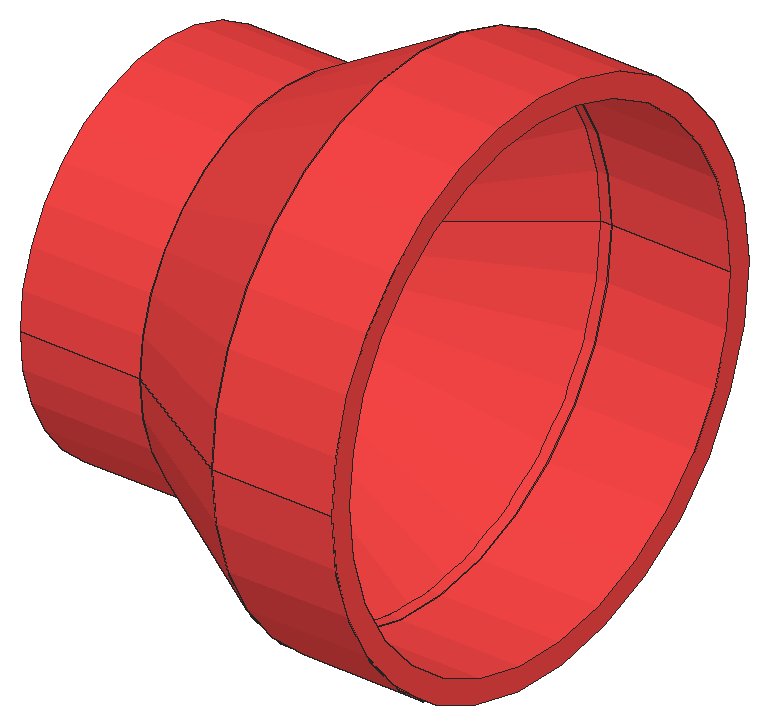
Revit family "Aquatherm_Переходники для муфтовой сварки и сварки встык", category Соединительные детали трубопроводов, Revit 2019
Family settings
  Размер круглого соединителя = Использовать диаметр
  Тип детали = Переход
  На основе рабочей плоскости = Нет
  Всегда вертикально = Да
  При загрузке вырезать с полостями = Нет
  Общий = Нет
Parameters (values of type "SDR 7.4")
  Материал_Переходник = AquaTherm red pipe
  z1 [instance] = if(d < d1, z, z - 8 mm)  # 58.5 mm
  z [instance] = size_lookup("Переходник", "z", 70 mm, d, d1, SDR)  # 58.5 mm
  l2 [instance] = if(d < d1, z, l - 30 mm)  # 58.5 mm
  l1 [instance] = if(d < d1, 30 mm, l - z)  # 30 mm
  URL = "www.agpipe.ru"
  SDR = 7.4 mm
  D2 [instance] = size_lookup("Переходник", "D2", d1 + 8 mm, d, d1, SDR)  # 84 mm
  d [instance] = 63 mm
  d1 [instance] = 110 mm
  l [instance] = size_lookup("Переходник", "l", 100 mm, d, d1, SDR)  # 86 mm
  D [instance] = size_lookup("Переходник", "D", d1 + 8 mm, d, d1, SDR)  # 120 mm
  ADSK_Примечание = ""
  ADSK_Позиция [instance] = ""
  ADSK_Обозначение = ""
  ADSK_Наименование [instance] = size_lookup("Переходник", "ADSK_Наименование", "Нет в каталоге", d, d1, SDR)  # "Переходник/B1 DN110/63"
  ADSK_Масса_Текст [instance] = size_lookup("Переходник", "ADSK_Масса_Текст", "Нет в каталоге", d, d1, SDR)  # "0.349"
  ADSK_Код изделия [instance] = size_lookup("Переходник", "ADSK_Код изделия", "Нет в каталоге", d, d1, SDR)  # "4111155"
  ADSK_Завод-изготовитель = "Aquatherm"  # constant formula
  ADSK_Единица измерения = "шт."  # constant formula
Reference planes
  plane 1 "По центру (Вперед/Назад)": y = 0
  plane 2: z = 0
  plane 3 "По центру (Влево/Вправо)": x = 0
  plane 4: x = -43
  plane 5: x = 43
  plane 6: x = 13
  plane 7: x = 15.5
  plane 8: x = -15.5
  plane 9: x = -15.5
Forms (mm)
  Extrusion 1, solid, material "AquaTherm red pipe" <- "Материал_Переходник"
    sketch origin (0, 0, 0) x (0, 1, 0) y (0, 0, 1)
      loop
        circle (0, 0) r 42
    from -43 to -15.5
  Extrusion 2, solid, material "AquaTherm red pipe" <- "Материал_Переходник"
    sketch origin (0, 0, 0) x (0, 1, 0) y (0, 0, 1)
      loop
        circle (0, 0) r 60
    from 15.5 to 43
  Blend 3, solid, material "AquaTherm red pipe" <- "Материал_Переходник"
    base sketch origin (0, 0, 0) x (0, 1, 0) y (0, 0, 1)
      loop
        circle (0, 0) r 60
    top sketch origin (0, 0, 0) x (0, 1, 0) y (0, 0, 1)
      loop
        circle (0, 0) r 42
    from 15.5 to -15.5
  Extrusion 4, void
    sketch origin (0, 0, 0) x (0, 1, 0) y (0, 0, 1)
      loop
        circle (0, 0) r 31.5
    from -43 to -15.5
  Extrusion 5, void
    sketch origin (0, 0, 0) x (0, 1, 0) y (0, 0, 1)
      loop
        circle (0, 0) r 55
    from 13 to 43
  Blend 6, void
    base sketch origin (0, 0, 0) x (0, 1, 0) y (0, 0, 1)
      loop
        circle (0, 0) r 55
    top sketch origin (0, 0, 0) x (0, 1, 0) y (0, 0, 1)
      loop
        circle (0, 0) r 31.5
    from 13 to -15.5
Cuts and joins
  Extrusion 4, Extrusion 5, Blend 6 cuts Extrusion 2
  Extrusion 4, Extrusion 5, Blend 6 cuts Blend 3
  Extrusion 4, Blend 6 cuts Extrusion 1
Lines and regions (mm)
  reference lines
    curve 1: line (13, 0, 0) -> (-15.5, 0, 0)
Dimensions and locks
  equal spacing: plane 4, plane 3 "По центру (Влево/Вправо)", plane 5
  "l": plane 4 to plane 5
  "l1": plane 6 to plane 5
  "z": plane 4 to plane 7
  "l2": plane 8 to plane 5
  "z": plane 9 to plane 5
  "D2": diameter of Extrusion 1 sketch curve
  "D": diameter of Extrusion 2 sketch curve
  "D": diameter of Blend 3 sketch curve
  "D2": diameter of Blend 3 sketch curve
  "d": diameter of Extrusion 4 sketch curve
  "d1": diameter of Extrusion 5 sketch curve
  "d1": diameter of Blend 6 sketch curve
  "d": diameter of Blend 6 sketch curve
  aligned and locked: level to plane 2
  aligned and locked: plane 6 to curve 1
  aligned and locked: plane 8 to curve 1
  aligned and locked: plane 4 to Extrusion 1
  aligned and locked: plane 9 to Extrusion 1
  aligned and locked: Extrusion 2 to plane 7
  aligned and locked: plane 9 to Blend 3
  aligned and locked: plane 7 to Blend 3
  aligned and locked: plane 4 to Extrusion 4
  aligned and locked: Extrusion 5 to plane 5
  aligned and locked: cut or joined group of Blend 3, Extrusion 4, Extrusion 5, Blend 6 to plane 6
  aligned and locked: Blend 6 to plane 6
  aligned and locked: Extrusion 2 to plane 5
  aligned and locked: plane 9 to Extrusion 4
  aligned and locked: Blend 6 to plane 9
Automatic sketch dimensions
  plane 1 "По центру (Вперед/Назад)" to curve 1 = 0 mm
  Extrusion 1 sketch curve to level = 0 mm
  Extrusion 1 sketch curve to plane 1 "По центру (Вперед/Назад)" = 0 mm
  Extrusion 2 sketch curve to level = 0 mm
  Extrusion 2 sketch curve to plane 1 "По центру (Вперед/Назад)" = 0 mm
  Blend 3 sketch curve to level = 0 mm  (x2)
  Blend 3 sketch curve to plane 1 "По центру (Вперед/Назад)" = 0 mm  (x2)
  Extrusion 4 sketch curve to level = 0 mm
  Extrusion 4 sketch curve to plane 1 "По центру (Вперед/Назад)" = 0 mm
  Extrusion 5 sketch curve to level = 0 mm
  Extrusion 5 sketch curve to plane 1 "По центру (Вперед/Назад)" = 0 mm
  Blend 6 sketch curve to level = 0 mm  (x2)
  Blend 6 sketch curve to plane 1 "По центру (Вперед/Назад)" = 0 mm  (x2)
Connectors
  piping at (-15.5, 0, 0), diameter 63, driven by "d"
    settings: on curve 1, index 1, connector inside diameter 609.6 mm, connector length 0 mm, flow factor 0, pipe flow 0.0 L/s, pressure drop 0.0 Pa, fitting loss kfactor 0, connector angle 0.00°, fixture units 0, engagement length 0 mm, angle of deflection 0.00°, flow configuration 0, flow direction 0, fitting loss method 0, system type 28, joint type 0, gender type 0, connector reference index 2, connector utility 0, adjustable connector no, is connector primary yes, connector description ""
  piping at (13, 0, 0), diameter 110, driven by "d1"
    settings: on curve 1, index 2, connector inside diameter 609.6 mm, connector length 0 mm, flow factor 0, pipe flow 0.0 L/s, pressure drop 0.0 Pa, fitting loss kfactor 0, connector angle 0.00°, fixture units 0, engagement length 0 mm, angle of deflection 0.00°, flow configuration 0, flow direction 0, fitting loss method 0, system type 28, joint type 0, gender type 0, connector reference index 1, connector utility 0, adjustable connector no, is connector primary no, connector description ""
